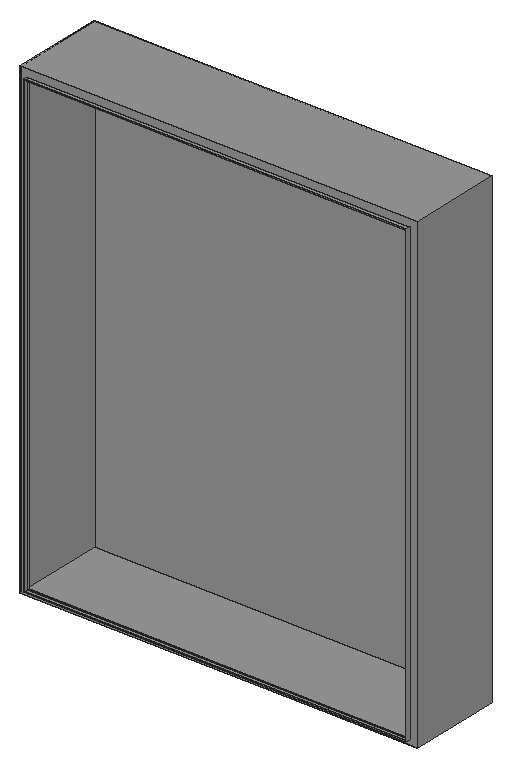
Revit family "Hager-Univers-IP30-D205-H950-Cl.II-Encl-NoHosted-CH-de", category Equipement électrique, Revit 2020
Family settings
  Configuration du panneau = Deux colonnes, circuits au sein
  Cote de connecteur circulaire = Utiliser le diamètre
  Type d'élément = Tableau de raccordement
  Basée sur le plan de construction = Oui
  Toujours verticalement = Oui
  Couper avec des vides une fois chargée = Non
  Partagée = Non
  Point de calcul de pièce = Non
Parameters (values of type "Aufputz IP30 B800 H950 T205  - FP63Q1S")
  Width Control [instance] = if([EF000008 - Breite] > Min Width, [EF000008 - Breite], Min Width)  # 800 mm
  Commentaires du type = [HG000003 - Bereich]  # "Univers"
  Thickness Door [instance] = if([EF009171 - Materialstärke Tür/Deckel] > 3 mm, 3 mm, [EF009171 - Materialstärke Tür/Deckel])  # 1 mm
  Seal Frame Offset [instance] = 17 mm  # constant formula
  Plinth Visibility [instance] = [HG000027 - Sockelhöhe] > 0 mm  # no
  Min Width [instance] = 100 mm  # constant formula
  Min Depth [instance] = (2 * [EF009170 - Materialstärke Gehäuse]) + 1 mm  # 3 mm
  Min Height [instance] = 100 mm  # constant formula
  Internal Frame Depth [instance] = (Door System Depth * 0.5)  # 9 mm
  Panel Name [instance] = ""  # (empty or 0)
  Model = ""
  HG000027 - Sockelhöhe = 0 mm
  HG000026 - Stehend auf dem Boden = no
  HG000024 - Höhe des unteren Teils = 600 mm
  HG000023 - Gehäuse mit doppeltem Querschnitt = no
  HG000016 - 3D-Türsichtbarkeit [instance] = yes
  HG000015 - Sichtbarkeit der Türöffnung [instance] = no
  HG000014 - Tür rechts [instance] = yes
  HG000013 - Tür links [instance] = not([HG000014 - Tür rechts])  # no
  HG000012 - Türschwenkwinkel [instance] = 30.00°
  HG000010 - Asymmetrische Türen = no
  HG000009 - Doppelflügeligen Tür = no
  HG000006 - Unterputz = no
  HG000004 - Herstellerreferenz = "FP63Q1S"
  HG000003 - Bereich = "Univers"
  HG000002 - Mit tür = no
  Frame Offset Bottom [instance] = 10 mm  # constant formula
  Frame Offset [instance] = 15 mm  # constant formula
  EF015940 - Deckel mit Überdruckentlastung = no
  EF011959 - Schutzart (NEMA) = ""
  EF009554 - Anzahl der Öffnungen für Flanschplatten = 6
  EF009212 - Ausführung Deckel = "EV009916 - mit Ausschnitt"
  EF009171 - Materialstärke Tür/Deckel = 1 mm
  EF009170 - Materialstärke Gehäuse = 1 mm
  EF008873 - Nennstrom (In) = 250 A
  EF007800 - Geeignet für Blitzschutz = no
  EF006306 - Mit Schloss = no
  EF006244 - Transparenter Deckel/Tür = no
  EF005474 - Schutzart (IP) = "EV006410 - IP30"
  EF004464 - Art der Tür = "EV000494 - ohne"
  EF004427 - Anzahl der Module = 216
  EF004293 - Schlagfestigkeit = "EV006813 - IK07"
  EF003532 - Geeignet für Außengebrauch = no
  EF002950 - Breite in Teilungseinheiten = 36
  EF001613 - Funktionserhalt = "EV000494 - ohne"
  EF001596 - Werkstoff des Gehäuses = "EV000179 - Stahl"
  EF001131 - Innentiefe = 130 mm
  EF001088 - Anbaumöglichkeit = yes
  EF000437 - Anzahl der Leitungseinführungen = 6
  EF000339 - Art der Abdeckung = "EV000494 - ohne"
  EF000266 - Anzahl der Reihen = 6
  EF000218 - Einbautiefe = 0 mm
  EF000118 - Mit Montageplatte = no
  EF000116 - RAL-Nummer = "9010"
  EF000049 - Tiefe = 205 mm
  EF000040 - Höhe = 950 mm
  EF000008 - Breite = 800 mm
  EF000007 - Farbe = "EV000202 - weiß"
  EF000003 - Montageart = "EV000384 - Aufputz"
  Door System Leaf Tolerance [instance] = 1.5 mm  # constant formula
  Door System Depth [instance] = 18 mm  # constant formula
  Door Height [instance] = Height Control - [HG000027 - Sockelhöhe]  # 950 mm
  Description = ""
  Default Elevation = 1219.2 mm
  Connector Offset [instance] = Height Control / 2  # 475 mm
  Fabricant = "Hager"  # constant formula
  Height Control [instance] = if([EF000040 - Höhe] > Min Height, [EF000040 - Höhe], Min Height)  # 950 mm
  Depth Control [instance] = if([EF000049 - Tiefe] > Min Depth, [EF000049 - Tiefe], Min Depth)  # 205 mm
  Bottom Top Plate Trim [instance] = 1.5 mm  # constant formula
  Plinth height Ctrl [instance] = if([HG000027 - Sockelhöhe] > 0 mm, [HG000027 - Sockelhöhe], 12 mm)  # 12 mm
Types (5, lengths in mm): name | Width Control | HG000004 - Herstellerreferenz | EF009554 - Anzahl der Öffnungen für Flanschplatten | EF004427 - Anzahl der Module | EF002950 - Breite in Teilungseinheiten | EF000437 - Anzahl der Leitungseinführungen | EF000008 - Breite
  Aufputz IP30 B1050 H950 T205  - FP64Q1S | 1050 | "FP64Q1S" | 8 | 288 | 48 | 8 | 1050
  Aufputz IP30 B1300 H950 T205  - FP65Q1S | 1300 | "FP65Q1S" | 10 | 360 | 60 | 10 | 1300
  Aufputz IP30 B300 H950 T205  - FP61Q1S | 300 | "FP61Q1S" | 2 | 72 | 12 | 2 | 300
  Aufputz IP30 B550 H950 T205  - FP62Q1S | 550 | "FP62Q1S" | 4 | 144 | 24 | 4 | 550
  Aufputz IP30 B800 H950 T205  - FP63Q1S | 800 | "FP63Q1S" | 6 | 216 | 36 | 6 | 800
Reference planes
  plane 1 "Center (Front/Back)": y = 0
  plane 2: z = 0
  plane 3 "Center (Left/Right)": x = 0
  plane 4: y = 0
  plane 5: y = 0
  plane 6: z = 0
  plane 7: x = -400
  plane 8: x = 400
  plane 9: x = 399
  plane 10: x = -399
  plane 11: z = 0
  plane 12: z = 1
  plane 13: y = -205
  plane 14: y = -1
  plane 15: x = 0
  plane 16: y = -187
  plane 17: y = -204
  plane 18: y = -186
  plane 19: x = -384
  plane 20: x = 384
  plane 21: z = 11
  plane 22: x = -383
  plane 23: x = 383
  plane 24: z = 0
  plane 25: z = 950
  plane 26: z = 950
  plane 27: z = 934
  plane 28: z = 949
Forms (mm)
  Extrusion 1, solid, material "Hager_Steel_RAL7035_Light_Grey", detail levels medium+fine
    sketch origin (-208.679, -4572, 0) x (-1, 0, 0) y (0, -1, 0)
      loop
        line (191.321, -4385) -> (-608.679, -4385) -> (-608.679, -4572) -> (191.321, -4572) -> (191.321, -4385)
    from 0 to 950
  Extrusion 2, void
    sketch origin (-350.771, -205, 1219.2) x (1, 0, 0) y (0, 0, 1)
      loop
        line (-48.229, -270.2) -> (-48.229, -1218.2) -> (749.771, -1218.2) -> (749.771, -270.2) -> (-48.229, -270.2)
    from -19 to -204
  Extrusion 3, void
    sketch origin (-290.084, -187, 1219.2) x (1, 0, 0) y (0, 0, 1)
      loop
        line (-93.916, -1208.2) -> (674.084, -1208.2) -> (674.084, -285.2) -> (-93.916, -285.2) -> (-93.916, -1208.2)
    from 0 to -1
  Extrusion 4, solid, material "Hager_Steel_RAL7035_Light_Grey", visible <- "Plinth Visibility", detail levels medium+fine
    sketch origin (0, 0, 0) x (1, 0, 0) y (0, 1, 0)
      loop
        line (-400, 0) -> (-400, -187) -> (400, -187) -> (400, 0) -> (-400, 0)
    from 0 to 12 <- "Plinth height Ctrl"
  Extrusion 5, solid, material "Hager_Steel_RAL7035_Light_Grey", detail levels coarse
    sketch origin (0, 0, 0) x (1, 0, 0) y (0, 1, 0)
      loop
        line (-400, 0) -> (-400, -205) -> (400, -205) -> (400, 0) -> (-400, 0)
    from 0 to 950 <- "Height Control"
  Sweep 6, void
    path in 3D
      loop
        line (-400, -187, 12) -> (400, -187, 12) -> (400, 0, 12) -> (-400, 0, 12) -> (-400, -187, 12)
    profile origin (-400, -93.5, 12) x (1, 0, 0) y (0, 0, 1)
      loop
        line (0, 0) -> (0, -1.5) -> (1.5, -1.5)
        arc (1.5, -1.5) -> (1.061, -0.439) -> (0, 0) r 1.5
  Extrusion 7, solid, material "Hager_Steel_RAL7035_Light_Grey", detail levels fine
    sketch origin (-400, -187, 0) x (1, 0, 0) y (0, 0, 1)
      loop
        line (16, 11) -> (784, 11) -> (784, 934) -> (16, 934) -> (16, 11)
      loop
        line (15, 10) -> (785, 10) -> (785, 935) -> (15, 935) -> (15, 10)
    from 0 to 9 <- "Internal Frame Depth"
Cuts and joins
  Extrusion 2, Extrusion 3 cuts Extrusion 1
  Sweep 6 cuts Extrusion 4
Lines and regions (mm)
  Masking region 1
    outline origin (0, 0, 0) x (1, 0, 0) y (0, 1, 0)
      loop
        line (-400, 0) -> (-400, -205) -> (400, -205) -> (400, 0) -> (-400, 0)
  Masking region 2, detail levels coarse
    outline origin (-290.084, -187, 1219.2) x (-1, 0, 0) y (0, 0, 1)
      loop
        line (-690.084, -1219.2) -> (109.916, -1219.2) -> (109.916, -269.2) -> (-690.084, -269.2) -> (-690.084, -1219.2)
  Masking region 3, detail levels coarse
    outline origin (0, 0, 0) x (0, 1, 0) y (0, 0, 1)
      loop
        line (0, 0) -> (0, 950) -> (-205, 950) -> (-205, 0) -> (0, 0)
  Masking region 4, visible <- "Plinth Visibility", detail levels medium+fine
    outline origin (0, 0, 0) x (0, 1, 0) y (0, 0, 1)
      loop
        line (-1.5, 12) -> (-185.5, 12)
        arc (-185.5, 12) -> (-185.939, 10.939) -> (-187, 10.5) r 1.5
        line (-187, 10.5) -> (-187, 0) -> (0, 0) -> (0, 10.5)
        arc (0, 10.5) -> (-1.061, 10.939) -> (-1.5, 12) r 1.5
  Masking region 5, detail levels medium+fine
    outline origin (0, 0, 594.038) x (0, 1, 0) y (0, 0, 1)
      loop
        line (0, -594.038) -> (0, 355.962) -> (-187, 355.962) -> (-187, -594.038) -> (0, -594.038)
  Masking region 6, detail levels medium+fine
    outline origin (-359.7, -187, 1211.883) x (-1, 0, 0) y (0, 0, 1)
      loop
        line (-759.7, -1211.883) -> (40.3, -1211.883) -> (40.3, -261.883) -> (-759.7, -261.883) -> (-759.7, -1211.883)
  Masking region 7, visible <- "Plinth Visibility", detail levels medium+fine
    outline origin (-320.334, -187, 1041.368) x (-1, 0, 0) y (0, 0, 1)
      loop
        line (-720.334, -1041.368) -> (79.666, -1041.368) -> (79.666, -1030.868)
        arc (79.666, -1030.868) -> (78.606, -1030.429) -> (78.166, -1029.368) r 1.5
        line (78.166, -1029.368) -> (-718.834, -1029.368)
        arc (-718.834, -1029.368) -> (-719.273, -1030.429) -> (-720.334, -1030.868) r 1.5
        line (-720.334, -1030.868) -> (-720.334, -1041.368)
  sketch lines
    curve 1: line (-400, 0, 12) -> (-400, -187, 12)
    curve 2: line (-400, -187, 12) -> (400, -187, 12)
    curve 3: line (400, 0, 12) -> (-400, 0, 12)
    curve 4: line (400, -187, 12) -> (400, 0, 12)
Dimensions and locks
  locked: plane 1 "Center (Front/Back)" to plane 5
  "EF009170 - Materialstärke Gehäuse": plane 7 to plane 10
  "EF009170 - Materialstärke Gehäuse": plane 8 to plane 9
  equal spacing: plane 7, plane 3 "Center (Left/Right)", plane 8
  "Width Control": plane 7 to plane 8
  "Depth Control": plane 4 to plane 13
  "EF009170 - Materialstärke Gehäuse": plane 4 to plane 14
  "Height Control": plane 25 to level
  "HG000027 - Sockelhöhe": plane 11 to level
  "EF009170 - Materialstärke Gehäuse": plane 12 to plane 11
  "EF009170 - Materialstärke Gehäuse": plane 17 to plane 13
  "EF009170 - Materialstärke Gehäuse": plane 18 to plane 16
  "Frame Offset Bottom": plane 21 to plane 12
  "Frame Offset": plane 10 to plane 19
  "Frame Offset": plane 9 to plane 20
  "Door System Depth": plane 16 to plane 13
  "Seal Frame Offset": plane 7 to plane 22
  "Seal Frame Offset": plane 8 to plane 23
  "EF009170 - Materialstärke Gehäuse": plane 26 to plane 28
  "Frame Offset": plane 28 to plane 27
  "Connector Offset": plane 2 to connector elem
  "Bottom Top Plate Trim": profile plane to Sweep 6 sketch curve
  "Bottom Top Plate Trim": Sweep 6 sketch curve to Sweep 6 sketch curve
  "Plinth height Ctrl": Masking region 4 sketch curve to level
  "Plinth height Ctrl": Masking region 7 sketch curve to level
  "Thickness Door": Extrusion 7 sketch curve to Extrusion 7 sketch curve  (x4)
  "Bottom Top Plate Trim": radius of Sweep 6 sketch curve
  "Bottom Top Plate Trim": radius of Masking region 4 sketch curve  (x2)
  "Bottom Top Plate Trim": radius of Masking region 7 sketch curve  (x2)
  aligned and locked: Extrusion 2 sketch curve to plane 12
  aligned and locked: Extrusion 2 sketch curve to plane 9
  aligned and locked: Extrusion 2 sketch curve to plane 10
  aligned and locked: Extrusion 2 to plane 14
  aligned and locked: Extrusion 1 sketch curve to plane 4
  aligned and locked: plane 8 to Extrusion 1 sketch curve
  aligned and locked: plane 7 to Extrusion 1 sketch curve
  aligned and locked: Extrusion 2 to plane 18
  aligned and locked: Extrusion 3 sketch curve to plane 19
  aligned and locked: plane 20 to Extrusion 3 sketch curve
  aligned and locked: Extrusion 3 to Extrusion 2
  aligned and locked: Extrusion 3 sketch curve to plane 21
  aligned and locked: plane 3 "Center (Left/Right)" to nested 1
  aligned and locked: Extrusion 1 sketch curve to plane 16
  aligned and locked: Extrusion 4 sketch curve to cut or joined group of Extrusion 1, Extrusion 2, Extrusion 3
  aligned and locked: Masking region 1 sketch curve to plane 7
  aligned and locked: Masking region 1 sketch curve to plane 5
  aligned and locked: Masking region 1 sketch curve to plane 8
  aligned and locked: Masking region 2 sketch curve to level
  aligned and locked: level to Masking region 3 sketch curve
  aligned and locked: plane 1 "Center (Front/Back)" to Masking region 3 sketch curve
  aligned and locked: plane 13 to Masking region 3 sketch curve
  aligned and locked: plane 5 to Masking region 4 sketch curve
  aligned and locked: Masking region 2 sketch curve to plane 8
  aligned and locked: Masking region 2 sketch curve to plane 7
  aligned and locked: plane 7 to nested 2
  aligned and locked: nested 2 to plane 5
  aligned and locked: plane 5 to Masking region 5 sketch curve
  aligned and locked: plane 26 to Masking region 5 sketch curve
  aligned and locked: Extrusion 5 sketch curve to plane 8
  aligned and locked: Extrusion 5 sketch curve to plane 7
  aligned and locked: Extrusion 5 sketch curve to plane 5
  aligned and locked: Extrusion 3 sketch curve to plane 27
  aligned and locked: Extrusion 2 sketch curve to plane 28
  aligned and locked: Masking region 2 to plane 25
  aligned and locked: Extrusion 4 to plane 16
  aligned and locked: profile plane to Sweep 6 sketch curve
  aligned and locked: Masking region 5 sketch curve to plane 24
  aligned and locked: level to Masking region 4 sketch curve
  aligned and locked: Masking region 1 to plane 13
  aligned and locked: nested 1 to plane 16
  aligned and locked: Masking region 3 to plane 25
  aligned and locked: plane 16 to Masking region 4 sketch curve
  aligned and locked: Masking region 5 sketch curve to plane 16
  aligned and locked: plane 24 to plane 11
  aligned and locked: plane 26 to plane 25
  aligned and locked: plane 26 to cut or joined group of Extrusion 1, Extrusion 2, Extrusion 3
  aligned and locked: nested 1 to plane 24
  aligned and locked: Extrusion 1 to Extrusion 3
  aligned and locked: Masking region 6 sketch curve to plane 8
  aligned and locked: Masking region 6 sketch curve to plane 24
  aligned and locked: Masking region 6 sketch curve to plane 7
  aligned and locked: Masking region 6 sketch curve to plane 26
  aligned and locked: Masking region 7 sketch curve to plane 7
  aligned and locked: level to Masking region 7 sketch curve
  aligned and locked: Masking region 7 sketch curve to plane 8
  aligned and locked: Extrusion 7 sketch curve to cut or joined group of Extrusion 1, Extrusion 2, Extrusion 3  (x4)
Automatic sketch dimensions
  plane 19 to Extrusion 3 sketch curve = 0 mm
  Extrusion 3 sketch curve to plane 20 = 0 mm
  Extrusion 3 sketch curve to plane 21 = 0 mm
  Extrusion 4 sketch curve to plane 7 = 0 mm
  Extrusion 4 sketch curve to plane 8 = 0 mm
  Extrusion 4 sketch curve to plane 16 = 0 mm
  Masking region 1 sketch curve to plane 13 = 0 mm
  Masking region 2 sketch curve to plane 25 = 0 mm
  Masking region 3 sketch curve to plane 25 = 0 mm
  Extrusion 5 sketch curve to plane 13 = 0 mm
  profile plane to Sweep 6 sketch curve = 0 mm
Nested families
  nested 1: "EC000058_Univers_Door" at (0, -187, 0), Double <- "HG000009 - Doppelflügeligen Tür", Transparent <- "EF006244 - Transparenter Deckel/Tür", Angle <- "HG000012 - Türschwenkwinkel", Door_Right <- "HG000014 - Tür rechts", Assymetrical <- "HG000010 - Asymmetrische Türen", Door <- "HG000002 - Mit tür", Width_Ctrl <- "Width Control", 3d_Door <- "HG000016 - 3D-Türsichtbarkeit", Clearance <- "HG000015 - Sichtbarkeit der Türöffnung", Door_Left <- "HG000013 - Tür links", Width <- "Width Control", Door_Depth <- "Door System Depth", Leaf_Tolerance <- "Door System Leaf Tolerance", Height <- "Door Height", Lock_Visibility <- "EF006306 - Mit Schloss", Thickness <- "Thickness Door", type "EC000058_Univers_Door", detail levels medium+fine
    with min_wh 3 mm, Width_Ctrl 800 mm, Width 800 mm, Transparent no, Thickness 1 mm, Seal_Material Hager_Rubber, Lock_Visibility no, Lock_Material Hager_Plastic_RAL9005_Jet_Black, Leaf_Width 800 mm, Leaf_Tolerance_External_Sides 0 mm, Leaf_Tolerance 1.5 mm, Leaf_Offset 0 mm, Leaf_Height 947 mm, Leaf_2_Width 800 mm, Leaf_2_Offset 400 mm, Leaf_1_Width 800 mm, Leaf_1_Offset 400 mm, Height_Ctrl 950 mm, Height 950 mm, Glass_Material Hager_Glass, Double_Clearance_Ctrl no, Double no, Door_Right_Ctrl no, Door_Right yes, Door_Material Hager_Steel_RAL7035_Light_Grey, Door_Left_Ctrl no, Door_Left no, Door_Depth 18 mm, Door no, Clearance_Material Hager_Clearance, Clearance_Depth 800 mm, Clearance_Ctrl no, Clearance no, Assymetrical no, Angle 30.00°, 3d_Door yes
  nested 2: "Hager_Enclosure_Symbol" at (-400, 0, 0), Height <- "Depth Control", Width <- "Width Control", type "Hager_Enclosure_Symbol"
    with Width_Ctrl 800 mm, Width 800 mm, Height_Ctrl 205 mm, Height 205 mm, A_Width_Int 13.453 mm, A_Width 161.438 mm, A_Height_Ctrl 179.375 mm, A_Height 179.375 mm
Connectors
  electrical at (0, 0, 475)
    settings: on plane 1 "Center (Front/Back)", index 1, voltage 0 V, apparent load 0 VA, apparent load phase1 0 VA, apparent load phase2 0 VA, apparent load phase3 0 VA, power factor 1, load classification "Other", number of poles 1, system type 30, power factor state 1, is connector primary yes, connector utility no, sub classification motor no, connector description ""
Definition of nested family "EC000058_Univers_Door"
  Parameters (values of type "EC000058_Univers_Door")
    min_wh [instance] = (2 * Thickness) + 1 mm  # 11 mm
    Width_Ctrl [instance] = 400 mm
    Width [instance] = 500 mm
    Transparent [instance] = yes
    Thickness [instance] = 5 mm
    Seal_Material [instance] = none
    Lock_Visibility [instance] = yes
    Lock_Material [instance] = none
    Leaf_Width [instance] = if((Width_Ctrl - 2 * Leaf_Tolerance_External_Sides) > 0 mm, (Width_Ctrl - 2 * Leaf_Tolerance_External_Sides), min_wh)  # 400 mm
    Leaf_Tolerance_External_Sides [instance] = 0 mm  # constant formula
    Leaf_Tolerance [instance] = 1.5 mm
    Leaf_Offset [instance] = 0 mm  # constant formula
    Leaf_Height [instance] = if((Height_Ctrl - 2 * Leaf_Tolerance) > 0 mm, (Height_Ctrl - 2 * Leaf_Tolerance), min_wh)  # 497 mm
    Leaf_2_Width [instance] = if(and(and(Double, Assymetrical), Door_Left), (Leaf_Width / 3) - (Leaf_Tolerance / 2), if(and(and(Double, Assymetrical), Door_Right), (Leaf_Width / 3) * 2 - (Leaf_Tolerance / 2), if(and(Double, not(Assymetrical)), (Leaf_Width / 2) - Leaf_Tolerance, Leaf_Width)))  # 400 mm
    Leaf_2_Offset [instance] = if(and(Double, Assymetrical), Leaf_2_Width / 2, if(and(Double, not(Assymetrical)), Leaf_Width / 4, Leaf_Width / 2))  # 200 mm
    Leaf_1_Width [instance] = if(and(and(Double, Assymetrical), Door_Right), (Leaf_Width / 3) - (Leaf_Tolerance / 2), if(and(and(Double, Assymetrical), Door_Left), (Width / 3) * 2 - (Leaf_Tolerance / 2), if(and(Double, not(Assymetrical)), (Leaf_Width / 2) - Leaf_Tolerance, Leaf_Width)))  # 400 mm
    Leaf_1_Offset [instance] = if(and(Double, Assymetrical), Leaf_1_Width / 2, if(and(Double, not(Assymetrical)), Leaf_Width / 4, Leaf_Width / 2))  # 200 mm
    Height_Ctrl [instance] = if(Height > min_wh, Height, min_wh)  # 500 mm
    Height [instance] = 500 mm
    Glass_Material [instance] = none
    Double_Clearance_Ctrl [instance] = and(Double, Clearance)  # no
    Double [instance] = no
    Door_Right_Ctrl [instance] = and(or(Door_Right, Double), Door)  # yes
    Door_Right [instance] = yes
    Door_Material [instance] = none
    Door_Left_Ctrl [instance] = and(or(Door_Left, Double), Door)  # no
    Door_Left [instance] = no
    Door_Depth [instance] = 30 mm
    Door [instance] = yes
    Default Elevation = 1219.2 mm
    Clearance_Material [instance] = none
    Clearance_Depth [instance] = if(Leaf_1_Width > Leaf_2_Width, Leaf_1_Width, Leaf_2_Width)  # 400 mm
    Clearance_Ctrl [instance] = and(not(Double), Clearance)  # yes
    Clearance [instance] = yes
    Assymetrical [instance] = yes
    Angle [instance] = 30.00°
    3d_Door [instance] = yes
  Reference planes
    plane 1 "Center (Front/Back)": y = 0
    plane 2 "Bottom": z = 0
    plane 3 "Center (Left/Right)": x = 0
    plane 4: z = 500
    plane 5: x = -200
    plane 6: x = 200
    plane 7: z = 500
    plane 8: x = -200
    plane 9: z = 0
    plane 10: x = 200
    plane 11: y = 0
    plane 12: z = 1.5
    plane 13: x = -600
    plane 14: y = -400
    plane 15: x = 600
    plane 16: x = 0
    plane 17: x = 0
    plane 18: x = -200
    plane 19: x = 200
    plane 20: z = 498.5
  Forms (mm)
    Extrusion 1, solid, material <- "Clearance_Material", visible <- "Double_Clearance_Ctrl"
      sketch origin (1200, 0, 0) x (1, 0, 0) y (0, 0, -1)
        loop
          line (-1800, -498.5) -> (-600, -498.5) -> (-600, 0) -> (-1800, 0) -> (-1800, -498.5)
      from 0 to -400
  Dimensions and locks
    equal spacing: plane 5, plane 3 "Center (Left/Right)", plane 6
    "Width_Ctrl": plane 5 to plane 6
    "Leaf_Offset": plane 5 to plane 8
    "Leaf_Offset": plane 6 to plane 10
    "Leaf_Offset": plane 9 to level
    "Leaf_Offset": plane 4 to plane 7
    "Height_Ctrl": plane 4 to level
    "Leaf_Tolerance": plane 12 to plane 9
    locked: plane 11 to plane 1 "Center (Front/Back)"
    "Leaf_1_Offset": plane 18 to plane 16
    "Leaf_2_Offset": plane 17 to plane 19
    "Leaf_1_Width": plane 13 to plane 8
    "Leaf_2_Width": plane 10 to plane 15
    "Clearance_Depth": plane 14 to plane 1 "Center (Front/Back)"
    "Leaf_Tolerance_External_Sides": plane 8 to plane 18
    "Leaf_Tolerance_External_Sides": plane 19 to plane 10
    "Leaf_Tolerance": plane 7 to plane 20
    aligned and locked: level to plane 2 "Bottom"
    aligned and locked: nested 1 to plane 16
    aligned and locked: nested 2 to plane 17
    aligned and locked: Extrusion 1 to plane 13
    aligned and locked: plane 15 to Extrusion 1
    aligned and locked: Extrusion 1 to plane 14
    aligned and locked: plane 12 to nested 1
    aligned and locked: nested 2 to plane 12
    aligned and locked: Extrusion 1 to plane 11
    aligned and locked: plane 20 to Extrusion 1
    aligned and locked: nested 2 to plane 11
    aligned and locked: nested 1 to plane 11
  Automatic sketch dimensions
    Extrusion 1 sketch curve to level = 0 mm
    plane 5 to Extrusion 1 sketch curve = 400 mm
    plane 6 to Extrusion 1 sketch curve = 400 mm
    Extrusion 1 sketch curve to plane 4 = 1.5 mm
  Nested families
    nested 1: "EC000058_Univers_Door_Leaf" at (0, 0, 1.5), Width <- "Leaf_1_Width", visible <- "Door_Left_Ctrl", Leaf_Height <- "Leaf_Height", Angle <- "Angle", 3d_Door <- "3d_Door", Transparent <- "Transparent", Clearance Material <- "Clearance_Material", Clearance <- "Clearance_Ctrl", Door_Material <- "Door_Material", Glass_Material <- "Glass_Material", Door_Depth <- "Door_Depth", Lock_Material <- "Lock_Material", Seal_Material <- "Seal_Material", Lock_Visibility <- "Lock_Visibility", Thickness <- "Thickness", type "EC000058_Univers_Door_Leaf"
      with Width 400 mm, Transparent_Glass_Offset 30 mm, Transparent_Ctrl yes, Transparent yes, Thickness 5 mm, Standard no, Seal_Material none, Seal_D2 8 mm, Seal_D1 1 mm, Offset_Internal_Frame 10 mm, Lock_Width 20 mm, Lock_Visibility_3d yes, Lock_Visibility yes, Lock_Thickness_3 3 mm, Lock_Thickness_2 1 mm, Lock_Thickness_1 3 mm, Lock_Radius_Offset_2 16 mm, Lock_Radius_Offset_1 15 mm, Lock_Radius_2 5 mm, Lock_Radius 6 mm, Lock_Offset 5 mm, Lock_Material none, Lock_Height 80 mm, Lock_Cover_Top_Offset_2d 17 mm, Lock_Cover_Height -65 mm, Leaf_Height 497 mm, Internal_Seal_Thickness 8 mm, Internal_Seal_Depth_2 4.5 mm, Internal_Frame_Depth 25 mm, Glass_Thickness -1 mm, Glass_Offset -2 mm, Glass_Material none, Door_Material none, Door_Depth 30 mm, Clearance Material none, Clearance yes, Angle_Ctrl 30.00°, Angle 30.00°, 3d_Door yes
    nested 2: "EC000058_Univers_Door_Leaf" at (0, 0, 1.5) x (-1, 0, 0) z (0, 0, 1), Width <- "Leaf_2_Width", visible <- "Door_Right_Ctrl", Leaf_Height <- "Leaf_Height", Angle <- "Angle", 3d_Door <- "3d_Door", Transparent <- "Transparent", Clearance Material <- "Clearance_Material", Clearance <- "Clearance_Ctrl", Door_Material <- "Door_Material", Glass_Material <- "Glass_Material", Door_Depth <- "Door_Depth", Lock_Material <- "Lock_Material", Seal_Material <- "Seal_Material", Lock_Visibility <- "Lock_Visibility", Thickness <- "Thickness", type "EC000058_Univers_Door_Leaf"
      with Width 400 mm, Transparent_Glass_Offset 30 mm, Transparent_Ctrl yes, Transparent yes, Thickness 5 mm, Standard no, Seal_Material none, Seal_D2 8 mm, Seal_D1 1 mm, Offset_Internal_Frame 10 mm, Lock_Width 20 mm, Lock_Visibility_3d yes, Lock_Visibility yes, Lock_Thickness_3 3 mm, Lock_Thickness_2 1 mm, Lock_Thickness_1 3 mm, Lock_Radius_Offset_2 16 mm, Lock_Radius_Offset_1 15 mm, Lock_Radius_2 5 mm, Lock_Radius 6 mm, Lock_Offset 5 mm, Lock_Material none, Lock_Height 80 mm, Lock_Cover_Top_Offset_2d 17 mm, Lock_Cover_Height -65 mm, Leaf_Height 497 mm, Internal_Seal_Thickness 8 mm, Internal_Seal_Depth_2 4.5 mm, Internal_Frame_Depth 25 mm, Glass_Thickness -1 mm, Glass_Offset -2 mm, Glass_Material none, Door_Material none, Door_Depth 30 mm, Clearance Material none, Clearance yes, Angle_Ctrl 30.00°, Angle 30.00°, 3d_Door yes
  Definition of nested family "EC000058_Univers_Door_Leaf"
    Parameters (values of type "EC000058_Univers_Door_Leaf")
      Width [instance] = 2000 mm
      Transparent_Glass_Offset [instance] = 30 mm
      Transparent_Ctrl [instance] = and(Transparent, [3d_Door])  # yes
      Transparent [instance] = yes
      Thickness [instance] = 5 mm
      Standard [instance] = and(not(Transparent), [3d_Door])  # no
      Seal_Material [instance] = none
      Seal_D2 [instance] = 8 mm  # constant formula
      Seal_D1 [instance] = 1 mm  # constant formula
      Offset_Internal_Frame [instance] = 10 mm  # constant formula
      Lock_Width [instance] = 20 mm  # constant formula
      Lock_Visibility_3d [instance] = and(Lock_Visibility, [3d_Door])  # yes
      Lock_Visibility [instance] = yes
      Lock_Thickness_3 [instance] = 3 mm  # constant formula
      Lock_Thickness_2 [instance] = 1 mm  # constant formula
      Lock_Thickness_1 [instance] = 3 mm  # constant formula
      Lock_Radius_Offset_2 [instance] = Lock_Radius_Offset_1 + 1 mm  # 16 mm
      Lock_Radius_Offset_1 [instance] = 15 mm  # constant formula
      Lock_Radius_2 [instance] = Lock_Radius - 1 mm  # 5 mm
      Lock_Radius [instance] = 6 mm  # constant formula
      Lock_Offset [instance] = 5 mm  # constant formula
      Lock_Material [instance] = none
      Lock_Height [instance] = 80 mm  # constant formula
      Lock_Cover_Top_Offset_2d [instance] = Lock_Radius_Offset_2 + 1 mm  # 17 mm
      Lock_Cover_Height [instance] = -(Lock_Height - Lock_Radius_Offset_1)  # -65 mm
      Leaf_Height [instance] = 2720.336 mm
      Internal_Seal_Thickness [instance] = 8 mm  # constant formula
      Internal_Seal_Depth_2 [instance] = 4.5 mm  # constant formula
      Internal_Frame_Depth [instance] = if(Door_Depth - Thickness > 5 mm, Door_Depth - Thickness, 5 mm)  # 25 mm
      Glass_Thickness [instance] = if(Thickness > 15 mm, Glass_Offset + 10 mm, -1 mm)  # -1 mm
      Glass_Offset [instance] = if(Thickness > 15 mm, -(Thickness + 10 mm) / 2, -2 mm)  # -2 mm
      Glass_Material [instance] = none
      Door_Material [instance] = none
      Door_Depth [instance] = 30 mm
      Default Elevation = 0 mm
      Clearance Material [instance] = none
      Clearance [instance] = yes
      Angle_Ctrl [instance] = if(Angle > 180.00°, 180.00°, Angle)  # 90.00°
      Angle [instance] = 90.00°
      3d_Door [instance] = yes
    Reference planes
      plane 1 "Center (Front/Back)": y = 0
      plane 2: z = 0
      plane 3 "Center (Left/Right)": x = 0
      plane 4: y = 2000
      plane 5: x = -1000
      plane 6: x = 1000
      plane 7: x = -3000
      plane 8: z = 2720.336
      plane 9: z = 30
      plane 10: z = 2690.336
      plane 11: x = 970
      plane 12: x = -970
      plane 13: y = -3
      plane 14: z = 107.833
      plane 15: y = -5
      plane 16: y = -223.314
      plane 17: x = -1000
      plane 18: z = 1360.168
      plane 19: y = 30
    Forms (mm)
      Extrusion 1, solid, material <- "Clearance Material", visible <- "Clearance"
        sketch origin (0, 0, 0) x (1, 0, 0) y (0, 0, 1)
          loop
            line (-3000, 2720.336) -> (-3000, 0) -> (1000, 0) -> (1000, 2720.336) -> (-3000, 2720.336)
        from 0 to -2000
      Extrusion 2, solid, material <- "Door_Material", visible <- "Standard", detail levels medium+fine
        sketch origin (-1000, 0, 0) x (0, 1, 0) y (-1, 0, 0)
          loop
            line (0, 30) -> (0, 25) -> (2000, 25) -> (2000, 30) -> (0, 30)
        from 0 to 2720.336 <- "Leaf_Height"
      Extrusion 3, solid, material <- "Door_Material", visible <- "Transparent_Ctrl", detail levels medium+fine
        sketch origin (-1000, 0, 0) x (0, 1, 0) y (-1, 0, 0)
          loop
            line (0, 25) -> (2000, 25) -> (2000, 30) -> (0, 30) -> (0, 25)
        from 0 to 2720.336 <- "Leaf_Height"
      Extrusion 4, void
        sketch origin (-1025, 2000, 0) x (0, 1, 0) y (0, 0, -1)
          loop
            line (-30, -2690.336) -> (-30, -30) -> (-1970, -30) -> (-1970, -2690.336) -> (-30, -2690.336)
        from 0 to 5 <- "Thickness"
      Sweep 5, solid, material <- "Seal_Material", visible <- "Transparent_Ctrl", detail levels fine
        path in 3D
          loop
            line (-1025, 30, 30) -> (-1025, 30, 2690.336) -> (-1025, 1970, 2690.336) -> (-1025, 1970, 30) -> (-1025, 30, 30)
        profile origin (-1025, 1000, 30) x (1, 0, 0) y (0, 0, 1)
          loop
            line (0, 0) -> (0, -8) -> (1, -8) -> (1, 0) -> (0, 0)
      Extrusion 6, solid, material <- "Glass_Material", visible <- "Transparent_Ctrl", detail levels medium+fine
        sketch origin (-1030, 0, 0) x (0, 1, 0) y (0, 0, -1)
          loop
            line (1970, -2690.336) -> (1970, -30) -> (30, -30) -> (30, -2690.336) -> (1970, -2690.336)
        from -2 <- "Glass_Offset" to -1 <- "Glass_Thickness"
      Extrusion 7, solid, material <- "Door_Material", visible <- "3d_Door", detail levels medium+fine
        sketch origin (-1025, 2000, 0) x (0, -1, 0) y (0, 0, -1)
          loop
            line (0, -2720.336) -> (2000, -2720.336) -> (2000, 0) -> (0, 0) -> (0, -2720.336)
          loop
            line (1995, -5) -> (5, -5) -> (5, -2715.336) -> (1995, -2715.336) -> (1995, -5)
        from 0 to 25 <- "Internal_Frame_Depth"
      Sweep 8, solid, material <- "Seal_Material", visible <- "Transparent_Ctrl", detail levels fine
        path in 3D
          loop
            line (-1025, 0, 0) -> (-1025, 2000, 0) -> (-1025, 2000, 2720.336) -> (-1025, 0, 2720.336) -> (-1025, 0, 0)
        profile origin (-1025, 0, 1360.168) x (1, 0, 0) y (0, 1, 0)
          loop
            line (0, 10) -> (2.975, 10)
            arc (2.975, 10) -> (4.053, 10.447) -> (4.5, 11.525) r 1.525
            line (4.5, 11.525) -> (4.5, 16.527)
            arc (4.5, 16.527) -> (4.069, 17.569) -> (3.027, 18) r 1.473
            line (3.027, 18) -> (0, 18) -> (0, 10)
      Extrusion 9, solid, material <- "Lock_Material", visible <- "Lock_Visibility_3d", detail levels fine
        sketch origin (-1030, 0, 0) x (0, 1, 0) y (0, 0, -1)
          loop
            arc (1993.5, -1400.168) -> (1994.561, -1399.729) -> (1995, -1398.668) r 1.5
            line (1995, -1398.668) -> (1995, -1320.168) -> (1975, -1320.168) -> (1975, -1398.668)
            arc (1975, -1398.668) -> (1975.439, -1399.729) -> (1976.5, -1400.168) r 1.5
            line (1976.5, -1400.168) -> (1993.5, -1400.168)
        from 3 <- "Lock_Thickness_1" to 0
      Blend 10, solid, material <- "Lock_Material", visible <- "Lock_Visibility_3d", detail levels fine
        base sketch origin (-1033, 0, 0) x (0, 1, 0) y (0, 0, -1)
          loop
            line (1975, -1320.168) -> (1975, -1398.668)
            arc (1975, -1398.668) -> (1975.439, -1399.729) -> (1976.5, -1400.168) r 1.5
            line (1976.5, -1400.168) -> (1993.5, -1400.168)
            arc (1993.5, -1400.168) -> (1994.561, -1399.729) -> (1995, -1398.668) r 1.5
            line (1995, -1398.668) -> (1995, -1320.168) -> (1975, -1320.168)
        top sketch origin (-1033, 0, 0) x (0, 1, 0) y (0, 0, -1)
          loop
            line (1976, -1320.168) -> (1976, -1398.668)
            arc (1976, -1398.668) -> (1976.146, -1399.022) -> (1976.5, -1399.168) r 0.5
            line (1976.5, -1399.168) -> (1993.5, -1399.168)
            arc (1993.5, -1399.168) -> (1993.854, -1399.022) -> (1994, -1398.668) r 0.5
            line (1994, -1398.668) -> (1994, -1320.168) -> (1976, -1320.168)
        from 0 to 1 <- "Lock_Thickness_2"
      Blend 11, solid, material <- "Lock_Material", visible <- "Lock_Visibility_3d", detail levels fine
        base sketch origin (-1034, 0, 0) x (0, 1, 0) y (0, 0, -1)
          loop
            line (1978, -1320.168) -> (1978, -1384.168)
            arc (1978, -1384.168) -> (1985, -1391.168) -> (1992, -1384.168) r 7
            line (1992, -1384.168) -> (1992, -1320.168) -> (1978, -1320.168)
        top sketch origin (-1034, 0, 0) x (0, 1, 0) y (0, 0, -1)
          loop
            line (1991, -1320.168) -> (1979, -1320.168) -> (1979, -1383.168)
            arc (1979, -1383.168) -> (1985, -1389.168) -> (1991, -1383.168) r 6
            line (1991, -1383.168) -> (1991, -1320.168)
        from 0 to 3 <- "Lock_Thickness_3"
      Extrusion 12, solid, material <- "Lock_Material", visible <- "Lock_Visibility_3d", detail levels fine
        sketch origin (-1030, 1975, 1320.168) x (1, 0, 0) y (0, -1, 0)
          loop
            line (-7, -19) -> (-7, -1) -> (0, -1) -> (0, 0) -> (-8, 0) -> (-8, -20) -> (0, -20) -> (0, -19) -> (-7, -19)
        from 0 to -65 <- "Lock_Cover_Height"
      Extrusion 13, void
        sketch origin (-1038, 1995, 1320.168) x (-1, 0, 0) y (0, 0, -1)
          loop
            line (-5, -65) -> (0, -65) -> (-5, -60) -> (-5, -65)
        from 0 to 20 <- "Lock_Width"
      Extrusion 14, void
        sketch origin (-1038, 1975, 1320.168) x (0, -1, 0) y (0, 0, -1)
          loop
            circle (-10, -15.995) r 6
          loop
            circle (-10, -15.995) r 5
        from 0 to 2
      Extrusion 15, solid, material <- "Lock_Material", visible <- "Lock_Visibility_3d", detail levels medium
        sketch origin (-1030, 0, 0) x (0, 1, 0) y (0, 0, -1)
          loop
            arc (1993.5, -1400.168) -> (1994.561, -1399.729) -> (1995, -1398.668) r 1.5
            line (1995, -1398.668) -> (1995, -1320.168) -> (1975, -1320.168) -> (1975, -1398.668)
            arc (1975, -1398.668) -> (1975.439, -1399.729) -> (1976.5, -1400.168) r 1.5
            line (1976.5, -1400.168) -> (1993.5, -1400.168)
        from 8 to 0
    Cuts and joins
      Extrusion 4 cuts Extrusion 3
      Extrusion 13, Extrusion 14 cuts Extrusion 9
      Extrusion 14 cuts Blend 11
      Extrusion 13, Extrusion 14 cuts Extrusion 12
      joined: Extrusion 9, Blend 10, Blend 11, Extrusion 12
      Extrusion 14 cuts Extrusion 15
    Lines and regions (mm)
      Masking region 1, visible <- "Lock_Visibility", detail levels fine
        outline origin (0, 0, 0) x (0, 1, 0) y (0, 0, 1)
          loop
            line (30, 1320.168) -> (33, 1320.168) -> (33, 1400.168) -> (30, 1400.168) -> (30, 1320.168)
      Masking region 2, visible <- "Lock_Visibility", detail levels fine
        outline origin (0, 3.143, 0) x (0, 1, 0) y (0, 0, 1)
          loop
            line (29.857, 1354.168) -> (30.857, 1354.168) -> (30.857, 1366.168) -> (29.857, 1366.168) -> (29.857, 1354.168)
      Masking region 3, detail levels medium+fine
        outline origin (0, 0, 0) x (0, 1, 0) y (0, 0, 1)
          loop
            line (0, 0) -> (30, 0) -> (30, 2720.336) -> (0, 2720.336) -> (0, 0)
      Masking region 4, detail levels medium+fine
        outline origin (0, 0, 0) x (1, 0, 0) y (0, 0, 1)
          loop
            line (-1000, 2720.336) -> (-1000, 0) -> (1000, 0) -> (1000, 2720.336) -> (-1000, 2720.336)
      Masking region 5, visible <- "Lock_Visibility", detail levels fine
        outline origin (-47.116, 0, 0) x (1, 0, 0) y (0, 0, 1)
          loop
            arc (1024.616, 1399.168) -> (1023.556, 1398.729) -> (1023.116, 1397.668) r 1.5
            line (1023.116, 1397.668) -> (1023.116, 1320.168) -> (1041.116, 1320.168) -> (1041.116, 1397.668)
            arc (1041.116, 1397.668) -> (1040.677, 1398.729) -> (1039.616, 1399.168) r 1.5
            line (1039.616, 1399.168) -> (1024.616, 1399.168)
      Masking region 6, visible <- "Lock_Visibility", detail levels medium+fine
        outline origin (-25, 0, 0) x (1, 0, 0) y (0, 0, 1)
          loop
            arc (1001.5, 1400.168) -> (1000.439, 1399.729) -> (1000, 1398.668) r 1.5
            line (1000, 1398.668) -> (1000, 1320.168) -> (1020, 1320.168) -> (1020, 1398.668)
            arc (1020, 1398.668) -> (1019.561, 1399.729) -> (1018.5, 1400.168) r 1.5
            line (1018.5, 1400.168) -> (1001.5, 1400.168)
      Masking region 7, visible <- "Lock_Visibility", detail levels fine
        outline origin (-73.735, 0, 0) x (1, 0, 0) y (0, 0, 1)
          loop
            line (1051.735, 1382.168) -> (1065.735, 1382.168) -> (1065.735, 1384.168)
            arc (1065.735, 1384.168) -> (1058.735, 1391.168) -> (1051.735, 1384.168) r 7
            line (1051.735, 1384.168) -> (1051.735, 1382.168)
      Masking region 8, visible <- "Lock_Visibility", detail levels fine
        outline origin (-73.735, 0, 0) x (1, 0, 0) y (0, 0, 1)
          loop
            line (1052.735, 1382.168) -> (1064.735, 1382.168) -> (1064.735, 1383.168)
            arc (1064.735, 1383.168) -> (1058.735, 1389.168) -> (1052.735, 1383.168) r 6
            line (1052.735, 1383.168) -> (1052.735, 1382.168)
      Masking region 9, visible <- "Lock_Visibility", detail levels fine
        outline origin (-25, 0, 0) x (1, 0, 0) y (0, 0, 1)
          loop
            line (1020, 1320.168) -> (1020, 1382.168) -> (1000, 1382.168) -> (1000, 1320.168) -> (1020, 1320.168)
      Masking region 10, detail levels medium+fine
        outline origin (0, 0, 0) x (1, 0, 0) y (0, 0, 1)
          loop
            circle (985, 1335.144) r 6
      Masking region 11, detail levels fine
        outline origin (0, 0, 0) x (1, 0, 0) y (0, 0, 1)
          loop
            circle (985, 1335.144) r 5
      Masking region 12, visible <- "Lock_Visibility", detail levels fine
        outline origin (0, 12.767, 0) x (0, 1, 0) y (0, 0, 1)
          loop
            line (20.233, 1320.168) -> (21.233, 1320.168) -> (21.233, 1399.168) -> (20.233, 1400.168) -> (20.233, 1320.168)
      Masking region 13, visible <- "Lock_Visibility", detail levels fine
        outline origin (0, 13.767, -10) x (0, 1, 0) y (0, 0, 1)
          loop
            line (20.233, 1330.168) -> (23.233, 1330.168) -> (23.233, 1399.168) -> (20.233, 1402.168) -> (20.233, 1330.168)
      Masking region 14, visible <- "Lock_Visibility", detail levels fine
        outline origin (0, 12.767, -10) x (0, 1, 0) y (0, 0, 1)
          loop
            line (20.233, 1330.168) -> (25.233, 1330.168) -> (25.233, 1399.305) -> (20.233, 1394.305) -> (20.233, 1330.168)
      Masking region 15, visible <- "Lock_Visibility", detail levels medium
        outline origin (0, 0, 0) x (0, 1, 0) y (0, 0, 1)
          loop
            line (30, 1320.168) -> (38, 1320.168) -> (38, 1400.168) -> (30, 1400.168) -> (30, 1320.168)
      Masking region 16, visible <- "Lock_Visibility", detail levels fine
        outline origin (-1000, 0, 0) x (0, 1, 0) y (-1, 0, 0)
          loop
            line (1975, 30) -> (1995, 30) -> (1995, 38) -> (1975, 38) -> (1975, 30)
          loop
            line (1979, 37) -> (1976, 37) -> (1976, 34) -> (1978, 34) -> (1979, 37)
          loop
            line (1994, 37) -> (1991, 37) -> (1992, 34) -> (1994, 34) -> (1994, 37)
      Masking region 17, visible <- "Lock_Visibility", detail levels medium
        outline origin (-1000, 0, 0) x (0, 1, 0) y (-1, 0, 0)
          loop
            line (1975, 30) -> (1995, 30) -> (1995, 38) -> (1975, 38) -> (1975, 30)
      symbolic lines
        curve 1: line (1000, 0, 0) -> (-3000, 0, 0)
        curve 2: arc (1000, 0, 0) -> (-1000, 2000, 0) -> (-3000, 0, 0) r 2000
        curve 4: line (-1030, 0, 0) -> (-1030, 2000, 0)
      reference lines
        curve 3: line (-1000, 0, 0) -> (-1000, 2000, 0)
      symbolic lines, detail levels medium+fine
        curve 5: line (-1030, 2000, 0) -> (-1025, 2000, 0)
        curve 7: line (-1025, 0, 0) -> (-1030, 0, 0)
        curve 8: line (-1025, 0, 0) -> (-1000, 0, 0)
        curve 9: line (-1000, 0, 0) -> (-1000, 2000, 0)
        curve 10: line (-1000, 2000, 0) -> (-1025, 2000, 0)
      symbolic lines, detail levels fine
        curve 6: line (-1025, 2000, 0) -> (-1025, 0, 0)
      sketch lines
        curve 11: line (-1025, 0, 2720.336) -> (-1025, 0, 0)
        curve 12: line (-1025, 2000, 0) -> (-1025, 0, 0)
        curve 13: line (-1025, 2000, 2720.336) -> (-1025, 2000, 0)
        curve 14: line (-1025, 0, 2720.336) -> (-1025, 2000, 2720.336)
        curve 15: line (-1025, 1970, 30) -> (-1025, 30, 30)
        curve 16: line (-1025, 30, 30) -> (-1025, 30, 2690.336)
        curve 17: line (-1025, 1970, 2690.336) -> (-1025, 1970, 30)
        curve 18: line (-1025, 30, 2690.336) -> (-1025, 1970, 2690.336)
      symbolic lines, visible <- "Transparent", detail levels medium+fine
        curve 19: line (-970, 0, 2690.336) -> (970, 0, 2690.336)
        curve 20: line (-970, 0, 30) -> (-970, 0, 2690.336)
        curve 21: line (970, 0, 30) -> (-970, 0, 30)
        curve 22: line (970, 0, 2690.336) -> (970, 0, 30)
    Dimensions and locks
      "Width": plane 1 "Center (Front/Back)" to plane 4
      equal spacing: plane 5, plane 3 "Center (Left/Right)", plane 6
      "Width": plane 5 to plane 6
      "Width": plane 7 to plane 5
      "Leaf_Height": plane 8 to level
      "Width": curve 5 to curve 3
      "Width": curve 3 to curve 3
      plane 8 to plane 10 = 30 mm
      plane 9 to level = 30 mm
      plane 12 to plane 5 = 30 mm
      plane 6 to plane 11 = 30 mm
      Extrusion 1 to Extrusion 4 sketch curve = 30 mm
      "Transparent_Glass_Offset": curve 3 to Extrusion 4 sketch curve
      "Transparent_Glass_Offset": Extrusion 4 sketch curve to cut or joined group of Extrusion 3, Extrusion 4  (x2)
      cut or joined group of Extrusion 3, Extrusion 4 to Extrusion 6 sketch curve = 30 mm
      "Transparent_Glass_Offset": cut or joined group of Extrusion 3, Extrusion 4 to Extrusion 4 sketch curve
      "Thickness": curve 6 to curve 4
      "Thickness": Extrusion 7 sketch curve to Extrusion 7 sketch curve  (x4)
      "Door_Depth": curve 4 to curve 3
      "Offset_Internal_Frame": profile plane to Sweep 8 sketch curve
      "Internal_Seal_Thickness": Sweep 8 sketch curve to Sweep 8 sketch curve
      "Internal_Seal_Depth_2": profile plane to Sweep 8 sketch curve
      "Seal_D1": profile plane to Sweep 5 sketch curve
      "Seal_D2": profile plane to Sweep 5 sketch curve
      "Thickness": Extrusion 2 sketch curve to Extrusion 2 sketch curve
      equal spacing: Extrusion 9 sketch curve, plane 18, Extrusion 9 sketch curve  (x2)
      equal spacing: Masking region 1 sketch curve, plane 18, Masking region 1 sketch curve
      "Lock_Height": Masking region 1 sketch curve to Masking region 1 sketch curve
      "Lock_Radius": Masking region 2 sketch curve to plane 18 to Masking region 2 sketch curve
      Masking region 2 sketch curve to Masking region 1 = 1 mm
      "Door_Depth": plane 19 to plane 1 "Center (Front/Back)"
      "Lock_Thickness_1": Masking region 1 sketch curve to plane 19
      "Lock_Width": Extrusion 9 sketch curve to Extrusion 9 sketch curve
      "Lock_Height": Extrusion 9 sketch curve to Extrusion 9 sketch curve
      "Lock_Offset": cut or joined group of Extrusion 3, Extrusion 4 to Extrusion 9 sketch curve
      equal spacing: plane 8, plane 18, level
      "Lock_Radius_Offset_1": Blend 11 sketch curve to Blend 10
      locked: Blend 10 to Blend 11 sketch curve at 2  (x2)
      locked: var sketch to Blend 11 sketch curve at 1  (x2)
      "Lock_Radius_Offset_2": Blend 11 sketch curve to Blend 10
      locked: Extrusion 12 sketch curve to Extrusion 12 sketch curve at 1  (x3)
      Masking region 6 sketch curve to Masking region 6 sketch curve = 80 mm
      "Lock_Height": Masking region 6 sketch curve to Masking region 6 sketch curve
      "Lock_Width": Masking region 6 sketch curve to Masking region 6 sketch curve
      locked: Masking region 6 to Masking region 5 sketch curve at 1  (x3)
      locked: Masking region 5 to Masking region 7 sketch curve at 2  (x2)
      "Lock_Radius_Offset_1": Masking region 5 to Masking region 7 sketch curve
      "Lock_Radius_Offset_2": Masking region 5 to Masking region 8 sketch curve
      locked: Masking region 7 to Masking region 8 sketch curve at 1  (x2)
      "Lock_Cover_Top_Offset_2d": Masking region 5 to Masking region 9 sketch curve
      equal spacing: Masking region 9, Masking region 10 sketch curve, Masking region 9
      equal spacing: Masking region 9, Masking region 11 sketch curve, Masking region 9
      Extrusion 15 sketch curve to Extrusion 15 sketch curve = 80 mm
      "Lock_Width": Extrusion 15 sketch curve to Extrusion 15 sketch curve
      "Lock_Height": Extrusion 15 sketch curve to Extrusion 15 sketch curve
      equal spacing: Extrusion 15 sketch curve, plane 18, Extrusion 15 sketch curve
      "Lock_Thickness_3": Masking region 13 sketch curve to Masking region 13 sketch curve
      "Lock_Height": Masking region 12 sketch curve to Masking region 12 sketch curve
      locked: Masking region 13 sketch curve to Masking region 1 at 8
      locked: Masking region 14 sketch curve to Masking region 13 at 1
      locked: Masking region 14 sketch curve to Masking region 1 at 10.863
      "Lock_Height": Masking region 15 sketch curve to Masking region 15 sketch curve
      "Lock_Offset": Extrusion 15 sketch curve to cut or joined group of Extrusion 3, Extrusion 4
      "Lock_Offset": plane 6 to Masking region 6 sketch curve
      radius of Sweep 8 sketch curve = 1.525 mm
      radius of Sweep 8 sketch curve = 1.473 mm
      radius of Extrusion 9 sketch curve = 1.5 mm  (x2)
      "Lock_Radius": radius of Extrusion 14 sketch curve
      "Lock_Radius_2": radius of Extrusion 14 sketch curve
      "Lock_Radius": radius of Masking region 10 sketch curve
      "Lock_Radius_2": radius of Masking region 11 sketch curve
      radius of Extrusion 15 sketch curve = 1.5 mm  (x2)
      "Angle_Ctrl": angle plane 1 "Center (Front/Back)" to curve 3
      locked: Masking region 12 sketch curve to Masking region 12 sketch curve (angle 45.00°)
      locked: Masking region 13 sketch curve to Masking region 13 sketch curve (angle 45.00°)
      locked: Masking region 14 sketch curve to Masking region 14 sketch curve (angle 45.00°)
      aligned and locked: level to plane 2
      aligned and locked: Extrusion 1 to curve 1
      aligned and locked: plane 6 to Extrusion 1
      aligned and locked: Extrusion 1 to plane 1 "Center (Front/Back)"
      aligned and locked: plane 4 to Extrusion 1
      aligned and locked: plane 8 to Extrusion 1
      aligned and locked: curve 7 to Extrusion 2 sketch curve
      aligned and locked: curve 5 to Extrusion 2 sketch curve
      aligned and locked: curve 7 to Extrusion 3 sketch curve
      aligned and locked: Extrusion 3 sketch curve to curve 4
      aligned and locked: Extrusion 3 sketch curve to curve 6
      aligned and locked: Extrusion 3 sketch curve to curve 5
      aligned and locked: curve 9 to curve 3
      aligned and locked: Extrusion 7 sketch curve to cut or joined group of Extrusion 3, Extrusion 4  (x4)
      aligned and locked: plane 17 to curve 3
      aligned and locked: plane 1 "Center (Front/Back)" to curve 3
      aligned and locked: plane 17 to plane 5
      aligned and locked: Sweep 8 sketch curve to profile plane
      aligned and locked: Sweep 5 sketch curve to profile plane  (x2)
      aligned and locked: Masking region 1 to Masking region 2 sketch curve
      aligned and locked: plane 19 to Masking region 1 sketch curve
      aligned and locked: plane 1 "Center (Front/Back)" to Masking region 3 sketch curve
      aligned and locked: plane 19 to Masking region 3 sketch curve
      aligned and locked: level to Masking region 3 sketch curve
      aligned and locked: Masking region 3 sketch curve to plane 8
      aligned and locked: plane 17 to Masking region 4 sketch curve
      aligned and locked: level to Masking region 4 sketch curve
      aligned and locked: Masking region 4 sketch curve to plane 8
      aligned and locked: plane 12 to curve 20
      aligned and locked: plane 10 to curve 19
      aligned and locked: plane 11 to curve 22
      aligned and locked: curve 21 to plane 9
      aligned and locked: Extrusion 2 sketch curve to cut or joined group of Extrusion 3, Extrusion 4
      aligned and locked: Blend 10 sketch curve to Extrusion 9  (x4)
      aligned and locked: Extrusion 9 to Blend 10 sketch curve
      aligned and locked: Blend 10 to Blend 11 sketch curve
      aligned and locked: Extrusion 12 sketch curve to Blend 11
      aligned and locked: Extrusion 12 sketch curve to Extrusion 9  (x4)
      aligned and locked: Masking region 5 sketch curve to Masking region 6
      aligned and locked: Masking region 9 sketch curve to Masking region 6  (x3)
      aligned and locked: Masking region 12 sketch curve to Masking region 1
      aligned and locked: Masking region 13 sketch curve to Masking region 1
      aligned and locked: Masking region 12 to Masking region 14
      aligned and locked: Masking region 14 sketch curve to Masking region 1
      aligned and locked: Masking region 15 sketch curve to Masking region 14
      aligned and locked: Masking region 13 sketch curve to Masking region 12
      aligned and locked: Masking region 16 sketch curve to cut or joined group of Extrusion 14, Extrusion 15  (x4)
      aligned and locked: Masking region 16 sketch curve to cut or joined group of Extrusion 9, Blend 10, Blend 11, Extrusion 12, Extrusion 13, Extrusion 14  (x6)
      aligned and locked: cut or joined group of Extrusion 9, Blend 10, Blend 11, Extrusion 12, Extrusion 13, Extrusion 14 to Masking region 16 sketch curve
      aligned and locked: Masking region 17 sketch curve to cut or joined group of Extrusion 14, Extrusion 15  (x3)
      aligned and locked: Masking region 17 sketch curve to cut or joined group of Extrusion 9, Blend 10, Blend 11, Extrusion 12, Extrusion 13, Extrusion 14
      aligned and locked: Masking region 9 to Masking region 8 sketch curve
      aligned and locked: Masking region 9 to Masking region 7 sketch curve
    Automatic sketch dimensions
      plane 1 "Center (Front/Back)" to curve 2 = 0 mm
      curve 2 to plane 5 = 0 mm
      Extrusion 1 sketch curve to level = 0 mm
      Extrusion 1 sketch curve to plane 7 = 0 mm
      Extrusion 1 sketch curve to plane 6 = 0 mm
      Extrusion 1 sketch curve to plane 8 = 0 mm
      Extrusion 3 to Extrusion 6 sketch curve = 30 mm  (x4)
      Masking region 4 sketch curve to plane 6 = 0 mm
      Blend 10 sketch curve to Extrusion 9 = 1.5 mm
      Blend 10 sketch curve to Extrusion 9 = 1 mm
      Extrusion 13 sketch curve to Extrusion 12 = 0 mm  (x2)
      Extrusion 12 to Extrusion 13 sketch curve = 3 mm
      Extrusion 13 sketch curve to Extrusion 12 = 5 mm
      Extrusion 14 sketch curve to Extrusion 14 sketch curve = 0 mm  (x2)
      Extrusion 14 sketch curve to Extrusion 12 = 10 mm
      Extrusion 14 sketch curve to Extrusion 12 = 15.995 mm
      Masking region 5 sketch curve to Masking region 5 sketch curve = 1.5 mm  (x2)
      Masking region 10 sketch curve to plane 18 = 25.024 mm
      Masking region 11 sketch curve to plane 18 = 25.024 mm
      plane 19 to Masking region 14 sketch curve = 3 mm
      Masking region 16 sketch curve to Masking region 16 sketch curve = 3 mm
      curve 4 to curve 3 = 0 mm
      Blend 10 to Blend 11 sketch curve = 0 mm
      Masking region 6 sketch curve to Masking region 6 sketch curve = 1.5 mm  (x2)
      Masking region 6 sketch curve to plane 18 = 40 mm
      plane 19 to Masking region 12 sketch curve = 3 mm
      Masking region 12 sketch curve to Masking region 12 sketch curve = 1 mm
      Masking region 15 sketch curve to plane 19 = 0 mm
      Masking region 15 sketch curve to plane 18 = 40 mm
      radius of Blend 10 sketch curve to Extrusion 9 = 1 mm
Definition of nested family "Hager_Enclosure_Symbol"
  Parameters (values of type "Hager_Enclosure_Symbol")
    Width_Ctrl [instance] = if(Width > 1 mm, Width, 1 mm)  # 102.27 mm
    Width [instance] = 102.27 mm
    Height_Ctrl [instance] = if(Height > 1 mm, Height, 1 mm)  # 66.5 mm
    A_Width_Int [instance] = if(A_Width / 12 > 2 mm, A_Width / 12, 2 mm)  # 4.364 mm
    A_Width [instance] = if(A_Height_Ctrl * 0.9 > 2 mm, A_Height_Ctrl * 0.9, 2 mm)  # 52.369 mm
    A_Height_Ctrl [instance] = if(A_Height > 2 mm, A_Height, 2 mm)  # 58.188 mm
    Height [instance] = 66.5 mm
    A_Height [instance] = Height - (Height / 8)  # 58.188 mm
  Reference planes
    plane 1 "Centre (avant/arrière)": y = 0
    plane 2: z = 0
    plane 3 "Centre (gauche/droite)": x = 0
    plane 4: x = 52.369
    plane 5: y = 33.042
    plane 6: y = 41.77
    plane 7: y = 66.5
    plane 8: x = 26.184
    plane 9: y = 37.406
    plane 10: x = 102.27
    plane 11: y = 66.5
    plane 12: y = 8.313
  Lines and regions (mm)
    Filled region 1, type "Solid_Black", in view "Niveau de réf."
      outline origin (0, 0, 0) x (1, 0, 0) y (0, 1, 0)
        loop
          line (52.369, 66.5) -> (33.188, 54.536) -> (45.365, 45.006) -> (52.369, 66.5)
    Filled region 2, type "Solid_Black", in view "Niveau de réf."
      outline origin (0, 0, 0) x (1, 0, 0) y (0, 1, 0)
        loop
          line (0, 0) -> (102.27, 0) -> (102.27, 66.5) -> (0, 0)
    detail lines, in view "Niveau de réf."
      curve 1: line (0, 8.313, 0) -> (26.184, 41.77, 0)
      curve 2: line (26.184, 41.77, 0) -> (26.184, 33.042, 0)
      curve 3: line (26.184, 33.042, 0) -> (52.369, 66.5, 0)
  Dimensions and locks
    "A_Width": plane 3 "Centre (gauche/droite)" to plane 4
    equal spacing: plane 3 "Centre (gauche/droite)", plane 8, plane 4
    equal spacing: plane 6, plane 9, plane 5
    equal spacing: curve 3, Filled region 1 sketch curve, Filled region 1 sketch curve
    "Height_Ctrl": plane 1 "Centre (avant/arrière)" to plane 11
    "A_Height_Ctrl": plane 11 to plane 12
    equal spacing: plane 11, plane 9, plane 12
    "A_Width_Int": plane 6 to plane 9
    "Width_Ctrl": plane 3 "Centre (gauche/droite)" to plane 10
    angle Filled region 1 sketch curve to curve 3 = 20.00°
    angle curve 3 to Filled region 1 sketch curve = 20.00°
    locked: curve 3 to Filled region 1 sketch curve (angle 90.00°)
    aligned and locked: plane 10 to Filled region 2
    aligned and locked: plane 11 to Filled region 2 sketch curve
    aligned and locked: plane 10 to Filled region 2 sketch curve
    aligned and locked: plane 3 "Centre (gauche/droite)" to curve 1
    aligned and locked: plane 12 to curve 1
    aligned and locked: plane 7 to plane 11
  Automatic sketch dimensions
    Filled region 1 sketch curve to plane 4 = 0 mm
    Filled region 1 sketch curve to plane 7 = 0 mm
    plane 1 "Centre (avant/arrière)" to Filled region 2 sketch curve = 0 mm
    Filled region 2 sketch curve to plane 3 "Centre (gauche/droite)" = 0 mm
    curve 2 to plane 6 = 0 mm
    curve 2 to plane 8 = 0 mm
    curve 3 to plane 4 = 0 mm
    curve 2 to plane 5 = 0 mm
    curve 3 to plane 7 = 0 mm
